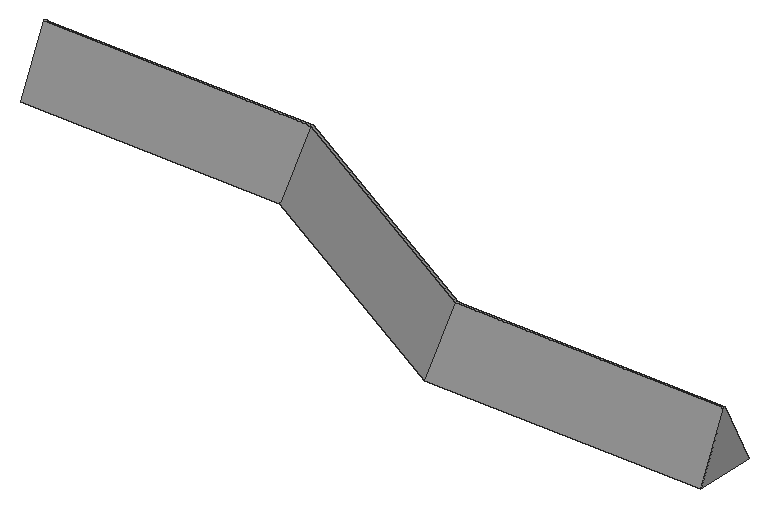
Revit family "Zig-Zag_StQ3+_60mm_p_i_t_1132125", category Generic Models, Revit 2019
Family settings
  Can host rebar = No
  Round Connector Dimension = Use Diameter
  Part Type = Normal
  Work Plane-Based = Yes
  Always vertical = No
  Cut with Voids When Loaded = No
  Shared = No
  Room Calculation Point = No
Parameters (values of type "60 mm")
  concrete = Concrete
  Website Link = "https://haucon.dk/produkt/beton-zig-zag-stq3/#variations"
  Total Length = 800 mm
  Technical Data Sheet = "https://haucon.dk/wp-content/uploads/2019/07/1132100-Beton-zig-zag-STQ3_1.0-TDS-DK.pdf"
  Default Elevation = 1219.2 mm
  Armerment width = 60 mm
  Armerment Height = Armerment width  # 60 mm
Types (6, lengths in mm): name | Armerment width | Armerment Height
  35 mm | 35 | 35
  55 mm | 55 | 55
  40 mm | 40 | 40
  45 mm | 45 | 45
  50 mm | 50 | 50
  60 mm | 60 | 60
Reference planes
  plane 1 "Center (Front/Back)": y = 0
  plane 2: z = 0
  plane 3 "Center (Left/Right)": x = 0
  plane 4: y = 30
  plane 5: y = -30
  plane 6: z = 60
  plane 7: x = 266.667
  plane 8: x = 533.333
  plane 9: x = 800
Forms (mm)
  Sweep 1, solid, material "Concrete" <- "concrete"
    path origin (135, 0, 0) x (1, 0, 0) y (0, 1, 0)
      loop
        line (-135, 0) -> (132.554, 0) -> (397.446, -149.776) -> (665, -149.776)
    profile origin (133.777, 0, 0) x (0, 1, 0) y (0, 0, 1)
      loop
        line (30, 0) -> (0.856, 59.544)
        arc (0.856, 59.544) -> (0, 59.98) -> (-0.856, 59.544) r 1.059
        line (-0.856, 59.544) -> (-30, 0) -> (30, 0)
Dimensions and locks
  equal spacing: plane 4, plane 1 "Center (Front/Back)", plane 5
  "Armerment width": plane 4 to plane 5
  "Armerment Height": level to plane 6
  "Total Length": plane 3 "Center (Left/Right)" to plane 9
  equal spacing: plane 3 "Center (Left/Right)", plane 7, plane 8, plane 9
  aligned and locked: level to plane 2
  aligned and locked: level to Sweep 1 sketch curve
  aligned and locked: plane 3 "Center (Left/Right)" to Sweep 1
  aligned and locked: plane 9 to Sweep 1 sketch curve
Automatic sketch dimensions
  plane 1 "Center (Front/Back)" to Sweep 1 sketch curve = 0 mm
  Sweep 1 sketch curve to plane 3 "Center (Left/Right)" = 0 mm
  Sweep 1 sketch curve to plane 7 = 0.887 mm
  plane 8 to Sweep 1 sketch curve = 0.887 mm
  plane 1 "Center (Front/Back)" to Sweep 1 sketch curve = 149.776 mm
  Sweep 1 sketch curve to plane 5 = 0 mm
  Sweep 1 sketch curve to profile plane = 0 mm
  Sweep 1 sketch curve to plane 4 = 0 mm
  plane 6 to Sweep 1 sketch curve = 0.456 mm  (x2)
  profile plane to Sweep 1 sketch curve = 0.856 mm
  Sweep 1 sketch curve to Sweep 1 sketch curve = 0.623 mm
